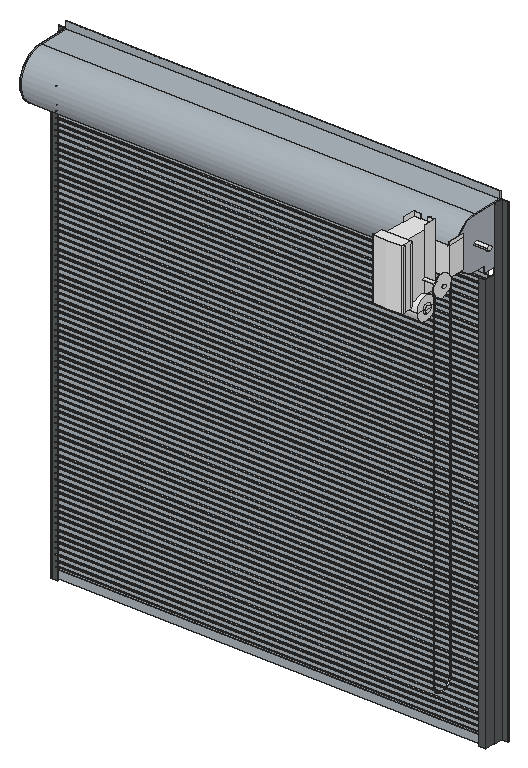
Revit family "Doors_Industrial_Wayne-Dalton_Rolling-Service-Doors-Model-926_", category Specialty Equipment, host Wall, Revit 2019
Family settings
  Host = Wall
  Round Connector Dimension = Use Diameter
  Part Type = Normal
  OmniClass Number = 23.30.10.21.34
  OmniClass Title = Industrial Doors
  Always vertical = Yes
  Cut with Voids When Loaded = Yes
  Shared = No
  Room Calculation Point = No
Parameters (values of type "115 volts, one phase, 60 Hz (110-120V range)")
  X Motor [instance] = if(or(Opening Height < 104", Opening Height = 104"), 14 1/2", if(or(Opening Height < 169", Opening Height = 169"), 16 1/2", 18 1/2"))  # 16 1/2"
  X ChainH [instance] = if(or(Opening Height < 104", Opening Height = 104"), 14 1/2", if(or(Opening Height < 169", Opening Height = 169"), 16 1/2", 18 1/2"))  # 16 1/2"
  Warning Sign [instance] = if(Calculated Area > 683.00 SF, 1 = 1, 1 = 2)  # no
  Warning (Note) [instance] = if(Warning Sign, "The Door Area is out of the limit; please adjust accordingly. The maximum allowed area is 683 sq. ft.", " ")  # " "
  Wall Thickness [instance] = 6"
  Voltage = 115 V
  True Opening Width [instance] = if(Between Jambs Mounting, Door Width True, Clear Width)  # 120"
  True Opening Height [instance] = if(Between Jambs Mounting, Clear Height + Headroom Height, Clear Height)  # 120"
  Slat Type [instance] = if(Slat Option < 2, "№2", if(Slat Option = 2, "№17", "№17 - Secur-Vent"))  # "№17"
  Slat Option [instance] = 2  # constant formula
  Slat Length [instance] = Clear Width + G Value * 2 - 1" / 2 * 2  # 123 5/8"
  Slat Height [instance] = if(Slat < 2, 13 77/256", 11 51/256")  # 11 51/256"
  Slat [instance] = if(Slat Option < 2, 1, if(Slat Option = 2, 2, if(Slat Option = 3, 3, 4)))  # 2
  Side Room Right [instance] = if(Between Jambs Mounting, 4 1/4", 8")  # 8"
  Side Room Left [instance] = if(Between Jambs Mounting, 4 1/4", 6")  # 6"
  Product Page URL = "https://www.wayne-dalton.com/rolling-service-door-926"
  Power Factor = 1
  Powder Coat (Note) = "Wayne Dalton also offers approximately 200 RAL powder coat options to complement the exterior colors of a building."  # constant formula
  Operator Visibility = yes
  Operation (Note) [instance] = "Door could operate by manual push, crank, electrical operator or chain hoist. Manual push up and crank could be used up to 80 sf, for larger door sizes you have to use Chain Hoist operator."  # constant formula
  Opening Width Real [instance] = if(Opening Width > Max Opening Width, Max Opening Width, if(Opening Width < Min Opening Width, Min Opening Width, Opening Width))  # 120"
  Opening Width [instance] = 120"
  Opening Height Real [instance] = if(Opening Height > Max Opening Height, Max Opening Height, if(Opening Height < Min Opening Height, Min Opening Height, Opening Height))  # 120"
  Opening Height [instance] = 120"
  One Array element [instance] = not(Array Vis)  # no
  Number of Poles = 1
  Motor Type [instance] = if(Between Jambs Mounting, "GSL Front of Hood", if(Motor Option < 2, "GSL Front of Hood", "GSL Wall Mount"))  # "GSL Front of Hood"
  Motor Selection (Note) [instance] = "Generic operator shown. Contact Wayne Dalton when dimensions are critical. "  # constant formula
  Motor Position [instance] = if(not(Chain Hoist or Manual), if(Motor Option Real = 1, G Value, 3 177/256"), if(Between Jambs Mounting, 1 87/128", 3 67/256" + 2 171/256"))  # 2 5/16"
  Motor Option Real [instance] = if(Between Jambs Mounting, 1, if(Motor Option < 2, 1, 3))  # 1
  Motor Option [instance] = 1
  Min Opening Width [instance] = if(Between Jambs Mounting, 18" + Side Room Right + Side Room Left, 18")  # 18"
  Min Opening Height [instance] = if(Between Jambs Mounting, 24" + Headroom Height, 24")  # 24"
  Max Opening Width [instance] = 144"  # constant formula
  Max Opening Height [instance] = 144"  # constant formula
  Material Finish [instance] = 926 : Standard - Gray
  M Value [instance] = G Value + 1/2"  # 2 13/16"
  Jambs Offset L [instance] = if(Between Jambs Mounting, Side Room Left, 0")  # 0"
  Jambs Offset R [instance] = if(Between Jambs Mounting, Side Room Right, 0")  # 0"
  Installation Real [instance] = if(Between Jambs Mounting, if((Wall Thickness / 2 - Guid Depth / 2) < 0", 0", Wall Thickness / 2 - Guid Depth / 2), Wall Thickness)  # 6"
  Hood Type [instance] = "Round Hood"  # constant formula
  Hood Offset [instance] = 2"  # constant formula
  Hood Material [instance] = Metal - Wayne Dalton - Gray
  Hood Height [instance] = if(Chain Hoist or Manual, Y ChainH - 2", Y Motor - 2")  # 14 1/2"
  Y Motor [instance] = if(or(Opening Height < 104", Opening Height = 104"), 14 1/2", if(or(Opening Height < 169", Opening Height = 169"), 16 1/2", 18 1/2"))  # 16 1/2"
  Y ChainH [instance] = if(or(Opening Height < 104", Opening Height = 104"), 14 1/2", if(or(Opening Height < 169", Opening Height = 169"), 16 1/2", 18 1/2"))  # 16 1/2"
  Headroom Height Lift [instance] = if(Chain Hoist or Manual, Y ChainH, Y Motor) + Hood Offset  # 18 1/2"
  Headroom Height [instance] = if(Between Jambs Mounting, Headroom Height Lift, Headroom Height Lift + 2")  # 20 1/2"
  Guide Type [instance] = if(Between Jambs Mounting, "Angled Between Jambs Z Guide", "Angled Z Guide")  # "Angled Z Guide"
  Guide Option [instance] = if(Between Jambs Mounting, 1, 2)  # 2
  Guid Depth [instance] = if(Between Jambs Mounting, D Value + 1/4", D Value)  # 5 1/2"
  G Value [instance] = 2 5/16"  # constant formula
  Frequency = 60 Hz
  Face of Wall Offset [instance] = if(Between Jambs Mounting, 0", 5")  # 5"
  Face Of Wall Mounting [instance] = not(Between Jambs Mounting)  # yes
  Door Width True [instance] = if(Between Jambs Mounting, Clear Width + Side Room Right + Side Room Left, Clear Width + M Value * 2)  # 125 5/8"
  Door Width (Real) [instance] = if(Between Jambs Mounting, Clear Width, Clear Width + 1" / 2)  # 120 1/2"
  Door Height True [instance] = Clear Width + Headroom Height  # 140 1/2"
  Door Height (Real) [instance] = Clear Height + Hood Offset  # 122"
  URL = "https://www.wayne-dalton.com/"
  Product data url = "https://www.bimobject.com/wayne-dalton/product/rolling-service-doors-model-926"
  Product Guid = "fe4d908b-e8df-4d50-a579-f2ac10b2d6b5"
  Model = "926"  # constant formula
  Manufacturer = "Wayne Dalton"  # constant formula
  Wall Closure = By host
  Floor To (CL) of Shaft [instance] = Clear Height + Hood Offset + 2" + Hood Height / 2  # 131 1/4"
  Finish Material = Finish - Wayne Dalton - Black
  Description = "Model 926 Rolling Service Door"  # constant formula
  D Value Clearance [instance] = if(Between Jambs Mounting, D Value + 1/4", D Value)  # 5 1/2"
  D Value [instance] = 5 1/2"  # constant formula
  Clearance [instance] = no
  Clear Width [instance] = if(Between Jambs Mounting, Opening Width Real - Side Room Right - Side Room Left, Opening Width Real)  # 120"
  Clear Height [instance] = if(Between Jambs Mounting, Opening Height Real - Headroom Height, Opening Height Real)  # 120"
  Chain Hoist or Manual = no
  Current = 20 A
  Connector Array Distance = 0"  # constant formula
  Connector Array = if(Chain Hoist or Manual, 2, 3)  # 3
  Between Jambs Mounting [instance] = no
  Bar [instance] = if(Face Of Wall Mounting, 1 = 1, 1 = 2)  # yes
  Backroom Depth [instance] = if(Chain Hoist or Manual, X ChainH, X Motor)  # 16 1/2"
  BJ Opening Cut [instance] = if(Between Jambs Mounting, Headroom Height, 0")  # 0"
  Array Vis [instance] = if(Array < 2, 1 = 2, 1 = 1)  # yes
  Array Real [instance] = if(Array < 2, 2, Array)  # 11
  Array Length [instance] = (Array) * Slat Height  # 123 49/256"
  Array [instance] = rounddown(([Door Height (Real)] - 3") / Slat Height) + 1  # 11
  Calculated Area [instance] = [Door Width (Real)] * [Door Height (Real)]  # 102.09 SF
  Apparent Load Phase 3 = if(Number of Poles = 1, 0 VA, (Voltage * Current * sqrt(3)) / 3)  # 0 VA
  Apparent Load Phase 2 = if(Number of Poles = 1, 0 VA, (Voltage * Current * sqrt(3)) / 3)  # 0 VA
  Apparent Load Phase 1 = if(Number of Poles = 1, Voltage * Current, (Voltage * Current * sqrt(3)) / 3)  # 2300 VA
Reference planes (in)
  plane 1 "Center (Front/Back)": y = -14.625
  plane 2 "Center (Left/Right)": x = 0
  plane 3 "Left": x = -60
  plane 4 "Right": x = 60
  plane 5 "Exterior": y = -8.625
  plane 6 "Interior": y = -14.625
  plane 7: x = 68
  plane 8: x = -66
  plane 9: z = 120
  plane 10 "Main": y = -19.48437
  plane 11 "Backroom Depth": y = -31.125
  plane 12 "Main Door Block": y = -14.625
  plane 13 "Bottom Bar": z = 2.75
  plane 14: y = -20.125
  plane 15: z = 125.94141
  plane 16: z = 138.5
  plane 17: z = 122
  plane 18: z = 140.5
  plane 19: z = 0
  plane 20: z = 60
  plane 21: y = -19.25
  plane 22 "Double Main": y = -18.906
  plane 23 "Headroom Top": z = 140.5
  plane 24: z = 131.25
  plane 25: x = 62.3125
  plane 26: x = -62.3125
  plane 27: z = 114.74219
  plane 28: z = 124
  plane 29: x = 62.3125
  plane 30: x = -66
  plane 31: x = 68
  plane 32: z = 2.75
  plane 33: y = -19.25
  plane 34: z = 114.74219
  plane 35: y = -19.25
  plane 36: z = 13.94922
  plane 37: y = -19.25
  plane 38: z = 25.14844
  plane 39: y = -19.25
  plane 40: z = 36.34766
  plane 41: y = -19.25
  plane 42: z = 47.54688
  plane 43: y = -19.25
  plane 44: z = 58.74609
  plane 45: y = -19.25
  plane 46: z = 69.94531
  plane 47: y = -19.25
  plane 48: z = 81.14453
  plane 49: y = -19.25
  plane 50: z = 92.34375
  plane 51: y = -19.25
  plane 52: z = 103.54297
  plane 53: y = -19.25
Forms (in)
  Extrusion 1, void
    sketch origin (0, -14.625, 0) x (0, 0, -1) y (-1, 0, 0)
      loop
        line (-120, 60) -> (-120, -60) -> (0, -60) -> (0, 60) -> (-120, 60)
    from 0 to 6
  Extrusion 2, solid, material "Metal - Wayne Dalton - Gray" <- "Hood Material", visible <- "Bar"
    sketch origin (0, 0, 0) x (0, 1, 0) y (0, 0, 1)
      loop
        line (-14.875, 138.5) -> (-14.625, 138.5) -> (-14.625, 140.5) -> (-14.875, 140.5) -> (-14.875, 138.5)
    from -62.0625 to 62.0625
  Extrusion 3, solid, material "Clearance - Wayne Dalton - Red", visible <- "Clearance"
    sketch origin (0, 0, 0) x (1, 0, 0) y (0, 1, 0)
      loop
        line (68, -14.625) -> (60, -14.625) -> (60, -20.125) -> (68, -20.125) -> (68, -14.625)
      loop
        line (-60, -14.625) -> (-66, -14.625) -> (-66, -20.125) -> (-60, -20.125) -> (-60, -14.625)
    from 0 to 122
Lines and regions (in)
  symbolic lines, visible <- "Bar"
    curve 1: line (62.0625, -14.625, 0) -> (-62.0625, -14.625, 0)
    curve 2: line (-62.0625, -14.875, 0) -> (62.0625, -14.875, 0)
Text (in)
  text "Exterior" at (-74.96733, 27.31104, 0), in view "Ref. Level"
  text "Interior" at (-74.96733, -25.14366, 0), in view "Ref. Level"
  text "Exterior" at (0, 40.15149, 123.01588), in view "Right"
  text "Interior" at (0, -64.39139, 123.01588), in view "Right"
  text "Interior" at (0, -31.01599, 123.00693), in view "Left"
  text "Exterior" at (0, 54.57065, 123.00693), in view "Left"
Dimensions and locks (in)
  equal spacing: plane 3 "Left", plane 2 "Center (Left/Right)", plane 4 "Right"
  "Clear Width": plane 3 "Left" to plane 4 "Right"
  level to host wall = 459.59655"
  "Clear Height": level to plane 9
  plane 7 to plane 8 = 134"
  locked: plane 13 "Bottom Bar" to level at 2.75
  locked: plane 14 to plane 10 "Main" at 0.64063
  "Array Length": plane 15 to plane 13 "Bottom Bar"
  "Backroom Depth": plane 11 "Backroom Depth" to plane 12 "Main Door Block"
  locked: plane 18 to plane 16 at 2
  locked: Extrusion 2 sketch curve to Extrusion 2 sketch curve at 0.25
  "Installation Real": plane 1 "Center (Front/Back)" to plane 5 "Exterior"
  "Wall Thickness": host wall to host wall
  equal spacing: plane 9, plane 20, plane 19
  locked: plane 10 "Main" to plane 21 at 0.23437
  locked: plane 10 "Main" to plane 22 "Double Main" at 0.57837
  "BJ Opening Cut": Extrusion 1 sketch curve to plane 9
  locked: Extrusion 2 sketch curve to Extrusion 2 sketch curve at 2
  "Hood Offset": plane 17 to plane 9
  "Headroom Height": plane 23 "Headroom Top" to plane 9
  "Floor To (CL) of Shaft": plane 24 to level
  "Jambs Offset R": plane 4 "Right" to Extrusion 1 sketch curve
  "Jambs Offset L": Extrusion 1 sketch curve to plane 3 "Left"
  "G Value": plane 25 to plane 4 "Right"
  "G Value": plane 3 "Left" to plane 26
  "Guid Depth": plane 14 to plane 1 "Center (Front/Back)"
  "Slat Height": plane 15 to plane 27
  equal spacing: group 1, group 3, group 4, group 5, group 6, group 7, group 8, group 9, group 10, group 11, group 2  (x3)
  "Side Room Right": plane 4 "Right" to plane 7
  "Side Room Left": plane 8 to plane 3 "Left"
  locked: plane 25 to Extrusion 2 at 0.25
  locked: plane 26 to Extrusion 2 at 0.25
  locked: plane 28 to plane 17 at 2
  "Hood Height": plane 16 to plane 28
  "Motor Position": plane 4 "Right" to plane 29
  "Side Room Left": plane 30 to plane 3 "Left"
  "Side Room Right": plane 4 "Right" to plane 31
  "D Value Clearance": Extrusion 3 sketch curve to Extrusion 3 sketch curve
  aligned and locked: plane 5 "Exterior" to host wall
  aligned and locked: host wall to plane 6 "Interior"
  aligned and locked: level to Extrusion 1 sketch curve
  aligned and locked: Extrusion 1 to plane 5 "Exterior"
  aligned and locked: plane 6 "Interior" to Extrusion 1
  aligned and locked: plane 16 to nested 1
  aligned and locked: Extrusion 2 sketch curve to plane 18
  aligned and locked: plane 6 "Interior" to Extrusion 2 sketch curve
  aligned and locked: curve 1 to Extrusion 2  (x2)
  aligned and locked: curve 2 to Extrusion 2  (x2)
  aligned and locked: Extrusion 2 to curve 2
  aligned and locked: plane 5 "Exterior" to nested 1
  aligned and locked: level to plane 19
  aligned and locked: plane 2 "Center (Left/Right)" to nested 2
  aligned and locked: nested 3 to plane 2 "Center (Left/Right)"
  aligned and locked: nested 4 to plane 20
  aligned and locked: plane 2 "Center (Left/Right)" to nested 4
  aligned and locked: plane 13 "Bottom Bar" to nested 6
  aligned and locked: plane 21 to nested 6
  aligned and locked: nested 4 to plane 21
  aligned and locked: plane 19 to nested 13
  aligned and locked: nested 13 to plane 2 "Center (Left/Right)"
  aligned and locked: nested 13 to plane 1 "Center (Front/Back)"
  aligned and locked: nested 1 to plane 29
  aligned and locked: Extrusion 3 sketch curve to plane 1 "Center (Front/Back)"  (x2)
  aligned and locked: Extrusion 3 sketch curve to plane 31
  aligned and locked: Extrusion 3 sketch curve to plane 4 "Right"
  aligned and locked: Extrusion 3 sketch curve to plane 30
  aligned and locked: Extrusion 3 sketch curve to plane 3 "Left"
  aligned and locked: Extrusion 3 sketch curve to Extrusion 3 sketch curve
  aligned and locked: Extrusion 3 to level
  aligned and locked: plane 17 to Extrusion 3
  aligned and locked: plane 13 "Bottom Bar" to plane 32
  aligned and locked: plane 21 to plane 33
  aligned and locked: plane 27 to plane 34
  aligned and locked: plane 35 to plane 21
  aligned and locked: plane 12 "Main Door Block" to plane 1 "Center (Front/Back)"
Automatic sketch dimensions
  plane 25 to curve 1 = 1/4"
Nested families (in)
  nested 1: "Motor" at (55.433, -38.705, 120.18), visible <- "Operator Visibility", type "Trolley Motor"
    with Vertical Mount 18.32", Hood Width Real 16 1/2", Hood Width 16 1/2", Hood Height 14 1/2", Floor To Cl Shaft 131 1/4"
  nested 2: "Label Annotation 1" at (0, 18.375, 0), visible <- "Warning Sign", type "Label Annotation 1"
  nested 3: "Label Annotation 1" at (0, -41.625, 0) x (-1, 0, 0) z (0, 0, 1), visible <- "Warning Sign", type "Label Annotation 1"
  nested 4: "Warning Sign" at (0, -19.25, 60), visible <- "Warning Sign", type "Warning Sign"
    with Warning Sign no
  nested 5: "926" at (0, -19.25, 2.75), Slat Option <- "Slat Option", Opening Width <- "Slat Length", type <- "Material Finish", visible <- "Array Vis", type "Standard - Gray"
    with Void Offset 1", Void Height 3/4", Slat Width 1/2", Slat Position + Offset 11.795", Slat Position 11.2", Slat Option 2, Secure-Vent no, Profile #17 yes, Perforation no, Opening Width 123 5/8", Integrated Cutout no, Fenestration no, Cutout Width Offset 1", Cutout Vertical Offset 0.595", #2 no, # 17 yes
  nested 6: "926" at (0, -19.25, 2.75), visible <- "One Array element", Slat Option <- "Slat Option", Opening Width <- "Slat Length", type <- "Material Finish", type "Standard - Gray"
    with Void Offset 1", Void Height 3/4", Slat Width 1/2", Slat Position + Offset 11.795", Slat Position 11.2", Slat Option 2, Secure-Vent no, Profile #17 yes, Perforation no, Opening Width 123 5/8", Integrated Cutout no, Fenestration no, Cutout Width Offset 1", Cutout Vertical Offset 0.595", #2 no, # 17 yes
  nested 7: "926" at (0, -19.25, 114.74219), Slat Option <- "Slat Option", Opening Width <- "Slat Length", type <- "Material Finish", visible <- "Array Vis", type "Standard - Gray"
    with Void Offset 1", Void Height 3/4", Slat Width 1/2", Slat Position + Offset 11.795", Slat Position 11.2", Slat Option 2, Secure-Vent no, Profile #17 yes, Perforation no, Opening Width 123 5/8", Integrated Cutout no, Fenestration no, Cutout Width Offset 1", Cutout Vertical Offset 0.595", #2 no, # 17 yes
  nested 8: "926" at (0, -19.25, 13.94922), Slat Option <- "Slat Option", Opening Width <- "Slat Length", type <- "Material Finish", visible <- "Array Vis", type "Standard - Gray"
    with Void Offset 1", Void Height 3/4", Slat Width 1/2", Slat Position + Offset 11.795", Slat Position 11.2", Slat Option 2, Secure-Vent no, Profile #17 yes, Perforation no, Opening Width 123 5/8", Integrated Cutout no, Fenestration no, Cutout Width Offset 1", Cutout Vertical Offset 0.595", #2 no, # 17 yes
  nested 9: "926" at (0, -19.25, 25.14844), Slat Option <- "Slat Option", Opening Width <- "Slat Length", type <- "Material Finish", visible <- "Array Vis", type "Standard - Gray"
    with Void Offset 1", Void Height 3/4", Slat Width 1/2", Slat Position + Offset 11.795", Slat Position 11.2", Slat Option 2, Secure-Vent no, Profile #17 yes, Perforation no, Opening Width 123 5/8", Integrated Cutout no, Fenestration no, Cutout Width Offset 1", Cutout Vertical Offset 0.595", #2 no, # 17 yes
  nested 10: "926" at (0, -19.25, 36.34766), Slat Option <- "Slat Option", Opening Width <- "Slat Length", type <- "Material Finish", visible <- "Array Vis", type "Standard - Gray"
    with Void Offset 1", Void Height 3/4", Slat Width 1/2", Slat Position + Offset 11.795", Slat Position 11.2", Slat Option 2, Secure-Vent no, Profile #17 yes, Perforation no, Opening Width 123 5/8", Integrated Cutout no, Fenestration no, Cutout Width Offset 1", Cutout Vertical Offset 0.595", #2 no, # 17 yes
  nested 11: "926" at (0, -19.25, 47.54687), Slat Option <- "Slat Option", Opening Width <- "Slat Length", type <- "Material Finish", visible <- "Array Vis", type "Standard - Gray"
    with Void Offset 1", Void Height 3/4", Slat Width 1/2", Slat Position + Offset 11.795", Slat Position 11.2", Slat Option 2, Secure-Vent no, Profile #17 yes, Perforation no, Opening Width 123 5/8", Integrated Cutout no, Fenestration no, Cutout Width Offset 1", Cutout Vertical Offset 0.595", #2 no, # 17 yes
  nested 12: "926" at (0, -19.25, 58.74609), Slat Option <- "Slat Option", Opening Width <- "Slat Length", type <- "Material Finish", visible <- "Array Vis", type "Standard - Gray"
    with Void Offset 1", Void Height 3/4", Slat Width 1/2", Slat Position + Offset 11.795", Slat Position 11.2", Slat Option 2, Secure-Vent no, Profile #17 yes, Perforation no, Opening Width 123 5/8", Integrated Cutout no, Fenestration no, Cutout Width Offset 1", Cutout Vertical Offset 0.595", #2 no, # 17 yes
  nested 13: "Lifts" at (0, -14.625, 0) x (-1, 0, 0) z (0, 0, 1), type "Frame Unit"
    with Round Hood yes, No Hood no, Side Clearance R 8", Side Clearance L 6", M Value 2 13/16", Hood Height 16 1/2", Headroom Height Real 18 1/2", Half Hood Height 16 1/2", Guide Z Wide R 2 1/16", Guide Z Wide L 2 1/16", Guide Offset R 2 5/16", Guide Offset L 2 5/16", G Value 2 5/16", Shaft Offset 7 1/4", Shaft Length 2 6 5/16", Shaft Length 1 6 5/16", Radius Hood 7 1/4", Headroom Height 18 1/2", Header Width 16 1/2", Floor To (CL) of Shaft 131 1/4"
  nested 14: "926" at (0, -19.25, 69.94531), Slat Option <- "Slat Option", Opening Width <- "Slat Length", type <- "Material Finish", visible <- "Array Vis", type "Standard - Gray"
    with Void Offset 1", Void Height 3/4", Slat Width 1/2", Slat Position + Offset 11.795", Slat Position 11.2", Slat Option 2, Secure-Vent no, Profile #17 yes, Perforation no, Opening Width 123 5/8", Integrated Cutout no, Fenestration no, Cutout Width Offset 1", Cutout Vertical Offset 0.595", #2 no, # 17 yes
  nested 15: "926" at (0, -19.25, 81.14453), Slat Option <- "Slat Option", Opening Width <- "Slat Length", type <- "Material Finish", visible <- "Array Vis", type "Standard - Gray"
    with Void Offset 1", Void Height 3/4", Slat Width 1/2", Slat Position + Offset 11.795", Slat Position 11.2", Slat Option 2, Secure-Vent no, Profile #17 yes, Perforation no, Opening Width 123 5/8", Integrated Cutout no, Fenestration no, Cutout Width Offset 1", Cutout Vertical Offset 0.595", #2 no, # 17 yes
  nested 16: "926" at (0, -19.25, 92.34375), Slat Option <- "Slat Option", Opening Width <- "Slat Length", type <- "Material Finish", visible <- "Array Vis", type "Standard - Gray"
    with Void Offset 1", Void Height 3/4", Slat Width 1/2", Slat Position + Offset 11.795", Slat Position 11.2", Slat Option 2, Secure-Vent no, Profile #17 yes, Perforation no, Opening Width 123 5/8", Integrated Cutout no, Fenestration no, Cutout Width Offset 1", Cutout Vertical Offset 0.595", #2 no, # 17 yes
  nested 17: "926" at (0, -19.25, 103.54297), Slat Option <- "Slat Option", Opening Width <- "Slat Length", type <- "Material Finish", visible <- "Array Vis", type "Standard - Gray"
    with Void Offset 1", Void Height 3/4", Slat Width 1/2", Slat Position + Offset 11.795", Slat Position 11.2", Slat Option 2, Secure-Vent no, Profile #17 yes, Perforation no, Opening Width 123 5/8", Integrated Cutout no, Fenestration no, Cutout Width Offset 1", Cutout Vertical Offset 0.595", #2 no, # 17 yes
Connectors (in)
  electrical at (58.421, -38.51377, 130.7498), driven by "Apparent Load Phase 1", driven by "Power Factor", driven by "Voltage", driven by "Apparent Load Phase 2", driven by "Apparent Load Phase 3", driven by "Number of Poles"
    settings: on nested 1, index 1, voltage 115 V, apparent load 0 VA, apparent load phase1 2300 VA, apparent load phase2 0 VA, apparent load phase3 0 VA, power factor 1, load classification "Other", number of poles 1, system type 31, power factor state 1, is connector primary yes, connector utility no, sub classification motor no, connector description "Electrical Connector"
Definition of nested family "Motor"
  Parameters (values of type "Trolley Motor")
    Wall Mount RSX = if(Chain Hoist, 1 = 2, if(Motor Option = 3, 1 = 1, 1 = 2))  # no
    Top Mount RSX = if(Chain Hoist, 1 = 2, if(Motor Option = 2, 1 = 1, 1 = 2))  # no
    Shaft Material = none
    Real Exterior Wall Offset = if(Wall Mount RSX, Displacement, Exterior Wall Offset + if(and(BJ, Bench Mount RSX, Hood Width < 19 1/2"), 2.6", 0"))  # 6"
    Not Chain Hoist = not(Chain Hoist)  # yes
    Not Bench + Top = not(or(Top Mount RSX, Chain Hoist, Bench Mount RSX))  # yes
    Horizontal Mount = if(Face Mount RSX, 5.08" + 0.12" + 2.38", if(Top Mount RSX, 11.19", if(Wall Mount RSX, 5.08", if(Bench Mount RSX, 4.77" + if(or(Hood Width < 14", Hood Width = 14"), 6.13", if(or(Hood Width < 16", Hood Width = 16"), 4.13", 3 1/4")), 0"))))  # 7.58"
    Not Fire King = if(Chain Hoist, 1 = 2, not(Chain Hoist))  # yes
    Vertical Mount = if(Face Mount RSX, 11.07" + Hood Height / 2, if(Top Mount RSX, 14.92" - 0.13" - 2.38", if(Wall Mount RSX, 20.03" + 6" + Hood Height / 2, if(Bench Mount RSX, 20" + 2.29" + Hood Height / 2, Hood Height))))  # 21.07"
    Motor Type = if(Motor Option < 2, "RSX FDO Face Mount", if(Motor Option = 2, "RSX FDO Top Mount", if(Motor Option = 3, "RSX Wall Mount", if(Motor Option = 4, "RSX Bench Mount", "Chain Hoist"))))  # "RSX FDO Face Mount"
    Motor Option = 1
    Main Material = none
    Hood Width Real = if(Wall Mount RSX, 0", if(Chain Hoist, if(Hood Height < Hood Width, (Hood Width + (Hood Width - Hood Height)) / 2, Hood Width / 2), Hood Width))  # 22"
    Hood Width = 22"
    Hood Height = 20"
    Hood Mount = if(or(Face Mount RSX, Top Mount RSX), 0.37", if(Wall Mount RSX, if(BJ, 12.24" + BJ Displacement, 14.74"), if(Bench Mount RSX, 14.49", 4.26")))  # 0.37"
    Floor To Cl Shaft = 134"
    Fire King RHX = 1 = 2  # no
    Top Option Offset = if(or(Top Mount RSX, Bench Mount RSX), 20", 0")  # 0"
    Face+Top = if(Chain Hoist, 1 = 2, if(or(Face Mount RSX, Top Mount RSX), 1 = 1, 1 = 2))  # yes
    Face Mount RSX = if(Chain Hoist, 1 = 2, if(Motor Option < 2, 1 = 1, 1 = 2))  # yes
    Top + Bench = if(Chain Hoist, 1 = 2, if(or(Top Mount RSX, Bench Mount RSX), 1 = 1, 1 = 2))  # no
    Face + Top + Bench = if(Chain Hoist, 1 = 2, if(or(Face Mount RSX, Top Mount RSX, Bench Mount RSX), 1 = 1, 1 = 2))  # yes
    Exterior Wall Offset = 6"
    Displacement = 6"
    Default Elevation = 48"
    Chain V Offset = if(or(Face Mount RSX, Wall Mount RSX), 6.53", if(or(Top Mount RSX, Bench Mount RSX), 18.81", Hood Height / 2))  # 6.53"
    Chain H Offset = if(or(Face Mount RSX, Wall Mount RSX), 1.19", if(or(Top Mount RSX, Bench Mount RSX), 6.53", 0"))  # 1.19"
    Chain Hoist = no
    Bench Mount RSX = if(Chain Hoist, 1 = 2, if(Motor Option > 3, 1 = 1, 1 = 2))  # no
    BJ Displacement = 3"
    BJ = no
    Angle = if(or(Bench Mount RSX, Top Mount RSX), 90.00°, 180.00°)  # 180.00°
  Reference planes (in)
    plane 1 "Center (Front/Back)": y = 0
    plane 2: z = 0
    plane 3 "Center (Left/Right)": x = 0
    plane 4: y = 0
    plane 5: y = 1.19
    plane 6: z = -127.47
    plane 7: z = -97.47
    plane 8: z = 6.53
    plane 9 "Chain Hoist": z = 6.53
    plane 10 "Top Of Hood": z = 21.07
    plane 11: y = 7.58
    plane 12: z = 0
    plane 13 "Hood Face": x = 6.8795
    plane 14: x = 7.2495
    plane 15: y = 29.58
    plane 16 "Wall": y = 35.58
  Forms (in)
    Extrusion 1, solid, material <- "Main Material", visible <- "Not Chain Hoist"
      sketch origin (0, 0, 18.8898) x (1, 0, 0) y (0, 1, 0)
        loop
          line (-4.134, -4.81907) -> (4.116, -4.81907) -> (4.116, -4.69947) -> (3.108, -4.69947)
          arc (3.108, -4.69947) -> (3.02315, -4.66432) -> (2.988, -4.57947) r 0.12
          line (2.988, -4.57947) -> (2.988, 4.96193) -> (-2.988, 4.96193) -> (-2.988, -4.57947)
          arc (-2.988, -4.57947) -> (-3.02315, -4.66432) -> (-3.108, -4.69947) r 0.12
          line (-3.108, -4.69947) -> (-4.134, -4.69947) -> (-4.134, -4.81907)
      from -16.64 to 0
    Extrusion 2, solid, material <- "Main Material", visible <- "Not Chain Hoist"
      sketch origin (0, -2.406, 18.8898) x (1, 0, 0) y (0, 1, 0)
        loop
          line (-4.134, -2.41307) -> (-4.134, -5.05565) -> (-4.3324, -5.05565) -> (-4.3324, -5.3122)
          arc (-4.3324, -5.3122) -> (-4.24466, -5.55085) -> (-4.02324, -5.67585) r 0.36846
          arc (-4.02324, -5.67585) -> (0, -6.0017) -> (4.02324, -5.67585) r 25
          arc (4.02324, -5.67585) -> (4.24466, -5.55085) -> (4.3324, -5.3122) r 0.36846
          line (4.3324, -5.3122) -> (4.3324, -5.05565) -> (4.116, -5.05565) -> (4.116, -2.41307) -> (-4.134, -2.41307)
      from -17 to 0.35839
    Revolve 3, solid, material <- "Main Material", visible <- "Not Fire King"
      sketch origin (2.0828, 5.66524, 0) x (0, -1, 0) y (1, 0, 0)
        loop
          line (5.66524, -9.0813) -> (5.66524, 3.1162) -> (4.82413, 3.1162) -> (4.82413, 2.7162) -> (4.39283, 2.7162) -> (4.39283, 2.4872) -> (2.50257, 2.4872) -> (2.50257, -6.6585) -> (3.79863, -6.6585) -> (3.79863, -7.51105) -> (3.89778, -7.6102) -> (5.36033, -7.6102) -> (5.36033, -7.8313) -> (4.69783, -7.8313) -> (4.69783, -9.0813) -> (5.66524, -9.0813)
        axis (5.66524, -9.0813) -> (5.66524, 3.1162)
      angle from 0 to 360
    Extrusion 4, solid, material <- "Main Material", visible <- "Wall Mount RSX"
      sketch origin (0, 0, 18.8898) x (1, 0, 0) y (0, 1, 0)
        loop
          line (-2.988, 5.08193) -> (-4.988, 5.08193) -> (-4.988, 4.96193) -> (-3.108, 4.96193) -> (-3.108, 1.46193) -> (-2.988, 1.46193) -> (-2.988, 5.08193)
        loop
          line (2.988, 5.08193) -> (2.988, 1.46193) -> (3.108, 1.46193) -> (3.108, 4.96193) -> (4.988, 4.96193) -> (4.988, 5.08193) -> (2.988, 5.08193)
      from -16.64 to 1.14
    Extrusion 5, solid, material <- "Main Material"
      sketch origin (0, 0.00141, 3.59957) x (0, 0, 1) y (0, -1, 0)
        loop
          circle (2.93043, -1.18859) r 3
      from 8.2495 to 7.98
    Sweep 6, solid, material <- "Main Material"
      path origin (8.11913, 9.53, 48) x (0, 1, 0) y (0, 0, 1)
        loop
          line (-11.34, -41.47) -> (-11.34, -145.47)
          arc (-11.34, -145.47) -> (-8.34, -148.47) -> (-5.34, -145.47) r 3
          line (-5.34, -145.47) -> (-5.34, -41.47)
      profile origin (8.11912, -1.81, -45.47) x (1, 0, 0) y (0, 1, 0)
        loop
          circle (0, 0.1) r 0.1
    Extrusion 7, solid, material <- "Main Material"
      sketch origin (0, 0.00141, 3.59957) x (0, 0, 1) y (0, -1, 0)
        loop
          circle (2.93043, -1.18859) r 0.4
      from 8.82 to 0
    Extrusion 8, solid, material <- "Main Material", visible <- "Face+Top"
      sketch origin (0, 0, 18.8898) x (1, 0, 0) y (0, 1, 0)
        loop
          line (7.2495, 5.08193) -> (7.2495, 9.82193) -> (7.1295, 9.82193) -> (7.1295, 5.20193) -> (-2.988, 5.20193) -> (-2.988, 5.08193) -> (7.2495, 5.08193)
      from -12.32 to -4.32
    Extrusion 9, solid, material <- "Main Material", visible <- "Face + Top + Bench"
      sketch origin (0.25, 0, 18.8898) x (1, 0, 0) y (0, 1, 0)
        loop
          line (-3.358, 5.08193) -> (-3.358, 1.46193) -> (-3.238, 1.46193) -> (-3.238, 4.96193) -> (-1.238, 4.96193) -> (-1.238, 5.08193) -> (-3.358, 5.08193)
        loop
          line (2.858, 5.08193) -> (0.738, 5.08193) -> (0.738, 4.96193) -> (2.738, 4.96193) -> (2.738, 1.46193) -> (2.858, 1.46193) -> (2.858, 5.08193)
      from -16.64 to 1.14
    Extrusion 10, solid, material <- "Main Material", visible <- "Face+Top"
      sketch origin (0, 0, 0) x (0, 0, 1) y (0, -1, 0)
        loop
          line (15.5698, -5.33193) -> (6.5698, -5.33193) -> (6.5698, -9.82193) -> (15.5698, -9.82193) -> (15.5698, -5.33193)
      from 6.8795 to 7.1295
    Extrusion 11, solid, material <- "Main Material", visible <- "Bench Mount RSX"
      sketch origin (0, 0, 18.8898) x (1, 0, 0) y (0, 1, 0)
        loop
          line (-6.9985, 5.08193) -> (3.108, 5.08193) -> (3.108, 5.20193) -> (-7.1205, 5.20193) -> (-7.1205, 1.33693) -> (-6.9985, 1.33693) -> (-6.9985, 5.08193)
      from -10.78 to -1.46
    Extrusion 12, solid, material <- "Main Material", visible <- "Bench Mount RSX"
      sketch origin (0, 0, 0) x (0, 0, 1) y (0, -1, 0)
        loop
          line (8.2698, -1.46193) -> (8.2698, -4.96193) -> (17.2698, -4.96193) -> (17.2698, -1.46193) -> (8.2698, -1.46193)
      from -7.24 to -7.1205
  Lines and regions (in)
    reference lines
      curve 1: line (0, 0, 0) -> (0, 0, 18.8898)
  Dimensions and locks (in)
    Extrusion 4 sketch curve to Extrusion 4 sketch curve = 3.62"
    locked: Extrusion 4 sketch curve to Extrusion 4 sketch curve at 0.12  (x3)
    "Chain H Offset": plane 4 to plane 5
    locked: plane 7 to plane 6 at 30
    locked: Sweep 6 sketch curve to profile plane at 0
    locked: profile plane to Sweep 6 sketch curve at 0.1
    locked: Sweep 6 sketch curve to Sweep 6 sketch curve at 6
    "Floor To Cl Shaft": plane 8 to plane 6
    "Horizontal Mount": plane 1 "Center (Front/Back)" to plane 11
    Extrusion 9 sketch curve to Extrusion 9 sketch curve = 3.62"
    locked: Extrusion 9 sketch curve to Extrusion 9 sketch curve at 0.12  (x3)
    "Top Option Offset": level to plane 12
    "Chain V Offset": plane 9 "Chain Hoist" to plane 12
    equal spacing: Sweep 6 sketch curve, plane 5, Sweep 6 sketch curve
    "Vertical Mount": plane 10 "Top Of Hood" to plane 12
    locked: Extrusion 2 sketch curve to Extrusion 2 sketch curve at 8.25
    locked: Extrusion 2 sketch curve to Extrusion 2 sketch curve at 2.64258
    locked: plane 3 "Center (Left/Right)" to plane 14 at 7.2495
    "Hood Mount": plane 13 "Hood Face" to plane 14
    locked: Extrusion 8 sketch curve to Extrusion 8 sketch curve at 0.12  (x2)
    locked: Extrusion 8 sketch curve to curve 1 at 5.08193
    "Hood Width Real": plane 11 to plane 15
    "Real Exterior Wall Offset": plane 15 to plane 16 "Wall"
    locked: Extrusion 8 sketch curve to Extrusion 8 sketch curve at 4.62
    Revolve 3 sketch curve to Revolve 3 sketch curve to Revolve 3 sketch curve to Revolve 3 sketch curve to Revolve 3 sketch curve to Revolve 3 sketch curve to Revolve 3 sketch curve = 1 1/4" locked, 0.2211" locked, 0.9517" locked, 9.1457" locked, 0.229" locked, 0.4" locked
    Revolve 3 sketch curve to Revolve 3 sketch curve to Revolve 3 sketch curve to Revolve 3 sketch curve to Revolve 3 sketch curve to Revolve 3 sketch curve to Revolve 3 sketch curve to Revolve 3 sketch curve = 0.30491" locked, 0.53619" locked, 0.12631" locked, 0.305" locked, 0.49505" locked, 0.09915" locked, 1.29606" locked
    locked: Extrusion 1 sketch curve to Extrusion 1 sketch curve at 0.1196
    locked: Extrusion 1 sketch curve to Extrusion 1 sketch curve at 5.976
    equal spacing: Extrusion 1 sketch curve, curve 1, Extrusion 1 sketch curve
    locked: curve 1 to Extrusion 1 sketch curve at 4.81907
    locked: Extrusion 1 sketch curve to Extrusion 1 sketch curve at 9.781
    locked: Extrusion 9 sketch curve to curve 1 at 1.46193
    equal spacing: Extrusion 4 sketch curve, curve 1, Extrusion 4 sketch curve
    locked: Extrusion 4 sketch curve to curve 1 at 1.46193
    locked: Extrusion 10 sketch curve to Extrusion 10 sketch curve at 4.49
    locked: Extrusion 10 sketch curve to Extrusion 10 sketch curve at 9
    locked: Extrusion 10 sketch curve to curve 1 at 9.82193
    locked: Extrusion 10 sketch curve to curve 1 at 6.5698
    locked: Revolve 3 sketch curve to plane 3 "Center (Left/Right)" at 4.5757
    locked: Extrusion 4 sketch curve to Extrusion 4 sketch curve at 5.976
    locked: Extrusion 9 sketch curve to plane 3 "Center (Left/Right)" at 2.988
    locked: plane 3 "Center (Left/Right)" to Extrusion 9 sketch curve at 3.108
    locked: Extrusion 4 sketch curve to Extrusion 4 sketch curve at 2
    locked: Extrusion 4 sketch curve to Extrusion 4 sketch curve at 1.88
    locked: Extrusion 8 sketch curve to Extrusion 8 sketch curve at 10.2375
    locked: curve 1 to Extrusion 8 sketch curve at 7.2495
    locked: Extrusion 1 sketch curve to Extrusion 1 sketch curve at 1.128
    locked: Extrusion 1 sketch curve to Extrusion 1 sketch curve at 1.146
    locked: curve 1 to Extrusion 2 sketch curve at 4.81907
    locked: Extrusion 11 sketch curve to Extrusion 11 sketch curve at 0.122
    locked: Extrusion 11 sketch curve to Extrusion 11 sketch curve at 0.12
    locked: Extrusion 11 sketch curve to curve 1 at 6.9985
    locked: Extrusion 11 sketch curve to curve 1 at 5.08193
    locked: Extrusion 11 sketch curve to Extrusion 11 sketch curve at 10.1065
    locked: Extrusion 11 sketch curve to Extrusion 11 sketch curve at 3.865
    locked: Extrusion 12 sketch curve to Extrusion 12 sketch curve at 3.5
    locked: curve 1 to Extrusion 12 sketch curve at 1.46193
    locked: Extrusion 12 sketch curve to Extrusion 12 sketch curve at 9
    locked: Extrusion 12 sketch curve to curve 1 at 10.62
    radius of Extrusion 5 sketch curve = 3"
    radius of Sweep 6 sketch curve = 3"
    radius of Sweep 6 sketch curve = 0.1"
    radius of Extrusion 7 sketch curve = 0.4"
    radius of Extrusion 2 sketch curve = 0.36846"  (x2)
    radius of Extrusion 1 sketch curve = 0.12"  (x2)
    radius of Extrusion 2 sketch curve = 25"
    "Angle": angle curve 1 to plane 1 "Center (Front/Back)"
    angle Extrusion 2 sketch curve to Extrusion 2 sketch curve = 90.00°
    locked: Extrusion 2 sketch curve to Extrusion 2 sketch curve (angle 90.00°)
    aligned and locked: plane 2 to level
    aligned and locked: Revolve 3 sketch curve to Revolve 3 sketch curve
    aligned and locked: plane 1 "Center (Front/Back)" to curve 1
    aligned and locked: level to curve 1
    aligned and locked: plane 1 "Center (Front/Back)" to plane 4
    aligned and locked: Extrusion 4 sketch curve to Extrusion 4 sketch curve  (x3)
    aligned and locked: plane 7 to Sweep 6 sketch curve  (x2)
    aligned and locked: plane 8 to Sweep 6 sketch curve  (x2)
    aligned and locked: plane 5 to Extrusion 5 sketch curve
    aligned and locked: plane 9 "Chain Hoist" to Extrusion 5 sketch curve
    aligned and locked: plane 5 to Extrusion 7 sketch curve
    aligned and locked: plane 9 "Chain Hoist" to Extrusion 7 sketch curve
    aligned and locked: plane 8 to plane 9 "Chain Hoist"
    aligned and locked: Extrusion 9 sketch curve to Extrusion 9 sketch curve  (x3)
    aligned and locked: Extrusion 2 sketch curve to Extrusion 2 sketch curve
    aligned and locked: Extrusion 1 sketch curve to Extrusion 1 sketch curve
    aligned and locked: plane 4 to nested 1
    aligned and locked: plane 3 "Center (Left/Right)" to nested 1
  Automatic sketch dimensions
    plane 1 "Center (Front/Back)" to Revolve 3 sketch curve = 0"
    Revolve 3 sketch curve to Revolve 3 sketch curve = 0.09915"
    Revolve 3 sketch curve to Revolve 3 sketch curve = 4.7892"
    Revolve 3 sketch curve to plane 14 = 1.9628"
    Extrusion 9 sketch curve to plane 3 "Center (Left/Right)" = 0.988"
    plane 3 "Center (Left/Right)" to Extrusion 9 sketch curve = 0.988"
    Extrusion 2 sketch curve to plane 3 "Center (Left/Right)" = 0"
    Extrusion 2 sketch curve to Extrusion 2 sketch curve = 0.1984"
    Extrusion 2 sketch curve to Extrusion 2 sketch curve = 0.15206"
    Extrusion 2 sketch curve to Extrusion 2 sketch curve = 0.25654"
    Extrusion 2 sketch curve to Extrusion 2 sketch curve = 0"  (x2)
    Extrusion 2 sketch curve to Extrusion 2 sketch curve = 0.0593"
  Nested families (in)
    nested 1: "2D_NotScalableMain_29e791da-3db9-4234-ab15-44456784202b" at (0, 0, 0), type "Default"
      with Wall Mount no, Face Mount yes
  Definition of nested family "2D_NotScalableMain_29e791da-3db9-4234-ab15-44456784202b"
    Parameters (values of type "Default")
      Wall Mount = yes
      Top Mount = no
      Not Top + Bench = yes
      Fire King Face Mount = no
      Face Mount = no
      Top + Bench = no
      Chain Hoist = no
      Bench Mount = no
    Reference planes (in)
      plane 1 "Center (Front/Back)": y = 0
      plane 2: z = 0
      plane 3 "Center (Left/Right)": x = 0
    Lines and regions (in)
      Masking region 1, in view "Ref. Level", visible <- "Not Top + Bench"
        outline origin (0, 0, 0) x (1, 0, 0) y (0, 1, 0)
          loop
            line (-6.9985, -0.96741) -> (-5.7485, -0.96741) -> (-5.7485, -0.30491) -> (-5.5274, -0.30491) -> (-5.5274, -1.76746) -> (-5.42825, -1.86661) -> (-4.5757, -1.86661) -> (-4.5757, -3.22517) -> (-4.134, -3.22517) -> (-4.134, -7.46165) -> (-4.3324, -7.46165) -> (-4.3324, -7.7182)
            arc (-4.3324, -7.7182) -> (-4.24466, -7.95685) -> (-4.02324, -8.08185) r 0.36846
            arc (-4.02324, -8.08185) -> (0, -8.4077) -> (4.02324, -8.08185) r 25
            arc (4.02324, -8.08185) -> (4.24466, -7.95685) -> (4.3324, -7.7182) r 0.36846
            line (4.3324, -7.7182) -> (4.3324, -7.46165) -> (4.116, -7.46165) -> (4.116, -3.22517) -> (4.57, -3.22517) -> (4.57, -1.27241) -> (4.799, -1.27241) -> (4.799, -0.84111) -> (5.199, -0.84111) -> (5.199, 0.79) -> (7.979, 0.79) -> (7.979, -1.81) -> (8.2495, -1.81) -> (8.2495, 0.79) -> (8.82, 0.79) -> (8.82, 1.59) -> (8.2495, 1.59) -> (8.2495, 4.19) -> (7.979, 4.19) -> (7.979, 1.59) -> (4.57, 1.59) -> (4.57, 3.22517) -> (2.988, 3.22517) -> (2.988, 4.96193) -> (-2.988, 4.96193) -> (-2.988, 3.22517) -> (-4.5757, 3.22517) -> (-4.5757, 1.86661) -> (-5.42825, 1.86661) -> (-5.5274, 1.76746) -> (-5.5274, 0.30491) -> (-5.7485, 0.30491) -> (-5.7485, 0.96741) -> (-6.9985, 0.96741) -> (-6.9985, -0.96741)
      Masking region 2, in view "Ref. Level", visible <- "Fire King Face Mount"
        outline origin (0, 0, 0) x (1, 0, 0) y (0, 1, 0)
          loop
            circle (0, 1.59) r 2.87397
          loop
            line (-2.988, 7.80693) -> (-2.988, 4.96193) -> (2.988, 4.96193) -> (2.988, 7.80693) -> (0.82, 7.80693) -> (0.82, 16.89193) -> (0.57, 16.89193) -> (0.57, 7.80693) -> (-2.988, 7.80693)
      Masking region 3, in view "Ref. Level", visible <- "Face Mount"
        outline origin (0, 0, 0) x (1, 0, 0) y (0, 1, 0)
          loop
            line (-3.108, 1.46193) -> (-2.988, 1.46193) -> (-2.988, 4.96193) -> (2.988, 4.96193) -> (2.988, 1.46193) -> (3.108, 1.46193) -> (3.108, 5.08193) -> (7.2495, 5.08193) -> (7.2495, 9.82193) -> (6.8795, 9.82193) -> (6.8795, 5.33193) -> (7.1295, 5.33193) -> (7.1295, 5.20193) -> (-2.988, 5.20193) -> (-2.988, 5.08193) -> (-3.108, 5.08193) -> (-3.108, 1.46193)
      Masking region 4, in view "Ref. Level", visible <- "Top + Bench"
        outline origin (0, 0, 0) x (1, 0, 0) y (0, 1, 0)
          loop
            line (-6.9985, -0.96741) -> (-5.7485, -0.96741) -> (-5.7485, -0.30491) -> (-5.5274, -0.30491) -> (-5.5274, -1.76746) -> (-5.42825, -1.86661) -> (-4.5757, -1.86661) -> (-4.5757, -3.22517) -> (4.57, -3.22517) -> (4.57, -1.27241) -> (4.799, -1.27241) -> (4.799, -0.84111) -> (5.199, -0.84111) -> (5.199, 0.84111) -> (4.799, 0.84111) -> (4.799, 1.27241) -> (4.57, 1.27241) -> (4.57, 3.22034) -> (4.3324, 3.22034) -> (4.3324, 6.13) -> (7.2495, 6.13) -> (7.2495, 3.53) -> (7.52, 3.53) -> (7.52, 6.13) -> (8.82, 6.13) -> (8.82, 6.93) -> (7.52, 6.93) -> (7.52, 9.53) -> (7.2495, 9.53) -> (7.2495, 6.93) -> (4.3324, 6.93) -> (4.3324, 19.24819) -> (3.108, 19.24819) -> (3.108, 20.0298) -> (0.988, 20.0298) -> (0.988, 19.24819) -> (-0.988, 19.24819) -> (-0.988, 20.0298) -> (-3.108, 20.0298) -> (-3.108, 19.24819) -> (-4.3324, 19.24819) -> (-4.3324, 3.22517) -> (-4.5757, 3.22517) -> (-4.5757, 1.86661) -> (-5.42825, 1.86661) -> (-5.5274, 1.76746) -> (-5.5274, 0.30491) -> (-5.7485, 0.30491) -> (-5.7485, 0.96741) -> (-6.9985, 0.96741) -> (-6.9985, -0.96741)
      Masking region 5, in view "Ref. Level", visible <- "Top Mount"
        outline origin (0, 0, 0) x (1, 0, 0) y (0, 1, 0)
          loop
            line (4.3324, 14.55771) -> (4.3324, 6.93) -> (7.2495, 6.93) -> (7.2495, 14.55771) -> (7.1295, 14.55771) -> (7.1295, 15.55771) -> (6.8795, 15.55771) -> (6.8795, 14.55771) -> (4.3324, 14.55771)
      Masking region 6, in view "Ref. Level", visible <- "Wall Mount"
        outline origin (0, 0, 0) x (1, 0, 0) y (0, 1, 0)
          loop
            line (-4.988, 4.96193) -> (-3.108, 4.96193) -> (-3.108, 1.46193) -> (-2.988, 1.46193) -> (-2.988, 5.08193) -> (-4.988, 5.08193) -> (-4.988, 4.96193)
          loop
            line (2.988, 1.46193) -> (3.108, 1.46193) -> (3.108, 4.96193) -> (4.988, 4.96193) -> (4.988, 5.08193) -> (2.988, 5.08193) -> (2.988, 1.46193)
      Masking region 7, in view "Ref. Level", visible <- "Bench Mount"
        outline origin (0, 0, 0) x (1, 0, 0) y (0, 1, 0)
          loop
            line (-7.24, 9.2698) -> (-7.1205, 9.2698) -> (-7.1205, 9.1098) -> (-4.3324, 9.1098) -> (-4.3324, 17.4298) -> (-7.1205, 17.4298) -> (-7.1205, 17.2698) -> (-7.24, 17.2698) -> (-7.24, 9.2698)
      Masking region 8, in view "Ref. Level", visible <- "Chain Hoist"
        outline origin (0, -6.98957, 0) x (1, 0, 0) y (0, 1, 0)
          loop
            line (4.7396, 6.58957) -> (7.979, 6.58957) -> (7.979, 3.98957) -> (8.2495, 3.98957) -> (8.2495, 6.58957) -> (8.82, 6.58957) -> (8.82, 7.38957) -> (8.2495, 7.38957) -> (8.2495, 9.98957) -> (7.979, 9.98957) -> (7.979, 7.38957) -> (4.7396, 7.38957) -> (4.7396, 6.58957)
      reference lines, in view "Ref. Level"
        curve 1: line (0, 0, 0) -> (0, 0.125, 0)
        curve 2: line (0, 0, 0) -> (0.125, 0, 0)
      detail lines, in view "Ref. Level", visible <- "Not Top + Bench"
        curve 3: line (8.2495, 4.19, 0) -> (8.2495, -1.81, 0)
        curve 4: line (7.979, 4.19, 0) -> (7.979, -1.81, 0)
        curve 5: line (-4.134, -3.22517, 0) -> (-4.134, -5.05565, 0)
        curve 6: line (4.116, -4.69947, 0) -> (4.116, -5.05565, 0)
        curve 7: line (-4.134, -4.81907, 0) -> (4.116, -4.81907, 0)
        curve 8: line (4.116, -4.69947, 0) -> (3.108, -4.69947, 0)
        curve 9: line (2.988, -4.57947, 0) -> (2.988, 4.96193, 0)
        curve 10: line (2.988, 4.96193, 0) -> (-2.988, 4.96193, 0)
        curve 11: line (-2.988, 4.96193, 0) -> (-2.988, -4.57947, 0)
        curve 12: arc (-2.988, -4.57947, 0) -> (-3.02315, -4.66432, 0) -> (-3.108, -4.69947, 0) r 0.12
        curve 13: arc (3.108, -4.69947, 0) -> (3.02315, -4.66432, 0) -> (2.988, -4.57947, 0) r 0.12
        curve 14: line (4.57, -3.22517, 0) -> (4.57, 0.77483, 0)
        curve 15: line (4.799, -1.27241, 0) -> (4.799, 0.77483, 0)
        curve 16: line (5.199, -0.84111, 0) -> (5.199, 0.77483, 0)
        curve 17: line (-4.5757, -3.22517, 0) -> (-4.5757, 3.22517, 0)
        curve 18: line (-5.42825, -1.86661, 0) -> (-5.42825, 1.86661, 0)
        curve 19: line (-5.5274, 1.76746, 0) -> (-5.5274, -1.76746, 0)
        curve 20: line (-5.7485, -0.96741, 0) -> (-5.7485, 0.96741, 0)
        curve 25: line (-4.116, -4.69947, 0) -> (-3.108, -4.69947, 0)
        curve 26: line (5.199, 0.77483, 0) -> (2.988, 0.77483, 0)
        curve 27: line (4.57, 1.59, 0) -> (3.108, 1.59, 0)
      detail lines, in view "Ref. Level", visible <- "Fire King Face Mount"
        curve 21: circle (0, 1.59, 0) r 1.29967 normal (0, 0, 1)
        curve 22: circle (0, 1.59, 0) r 0.87193 normal (0, 0, 1)
        curve 23: line (-2.988, 7.80693, 0) -> (2.988, 7.80693, 0)
        curve 24: line (-2.988, 7.685, 0) -> (2.988, 7.685, 0)
      detail lines, in view "Ref. Level", visible <- "Top + Bench"
        curve 28: line (-4.5757, -3.22517, 0) -> (-4.5757, 3.22517, 0)
        curve 29: line (-5.42825, 1.86661, 0) -> (-5.42825, -1.86661, 0)
        curve 30: line (-5.5274, 1.76746, 0) -> (-5.5274, -1.76746, 0)
        curve 31: line (-5.7485, -0.96741, 0) -> (-5.7485, 0.96741, 0)
        curve 32: line (-4.3324, 1.8898, 0) -> (-4.3324, 19.24819, 0)
        curve 33: line (-4.3324, 1.8898, 0) -> (4.3324, 1.8898, 0)
        curve 34: line (4.3324, 1.8898, 0) -> (4.3324, 19.24819, 0)
        curve 35: line (4.57, 3.22517, 0) -> (4.57, -3.22517, 0)
        curve 36: line (4.799, 1.27241, 0) -> (4.799, -1.22759, 0)
        curve 41: line (2.988, 20.0298, 0) -> (2.988, 19.24819, 0)
        curve 42: line (-2.988, 20.0298, 0) -> (-2.988, 19.24819, 0)
        curve 43: line (-3.108, 19.24819, 0) -> (-0.988, 19.24819, 0)
        curve 44: line (0.988, 19.24819, 0) -> (3.108, 19.24819, 0)
      detail lines, in view "Ref. Level", visible <- "Chain Hoist"
        curve 37: line (8.2495, 3, 0) -> (8.2495, -3, 0)
        curve 38: line (7.979, -3, 0) -> (7.979, 3, 0)
      detail lines, in view "Ref. Level", visible <- "Bench Mount"
        curve 39: line (-7.1205, 17.4298, 0) -> (-7.1205, 9.1098, 0)
        curve 40: line (-6.9985, 17.4298, 0) -> (-6.9985, 9.1098, 0)
    Dimensions and locks (in)
      curve 1 to curve 1 = 1/8"
      curve 2 to curve 2 = 1/8"
      aligned and locked: plane 1 "Center (Front/Back)" to curve 1
      aligned and locked: plane 3 "Center (Left/Right)" to curve 1
      aligned and locked: plane 1 "Center (Front/Back)" to curve 2
Definition of nested family "926"
  Parameters (values of type "Standard - Biege")
    Void Offset [instance] = if(Integrated Cutout, 0", 1")  # 1"
    Void Height [instance] = if([Secure-Vent], 1.4", 3/4")  # 3/4"
    Standard = yes
    Slat Width [instance] = 1/2"  # constant formula
    Slat Position + Offset [instance] = Slat Position + Cutout Vertical Offset  # 13.895"
    Slat Position [instance] = if(Slat Option < 2, 1.9" * 7, 1.6" * 7)  # 13.3"
    Slat Option [instance] = 1
    Secure-Vent [instance] = if(Slat Option > 2, 1 = 1, 1 = 2)  # no
    Rough Height = 0"
    Profile #17 [instance] = or(# 17, [Secure-Vent])  # no
    Perforation [instance] = [Secure-Vent]  # no
    Fenestration Large = no
    Fenestration [instance] = if(and(Integrated Cutout, not(Perforation)), 1 = 1, 1 = 2)  # no
    Cutout Width Offset [instance] = 1"  # constant formula
    Cutout Material Perforation = none
    Cutout Material = none
    Panel Material = none
    Opening Width [instance] = 123 5/8"
    Cutout Vertical Offset [instance] = 0.595"  # constant formula
    Default Elevation = 48"
    Integrated Cutout [instance] = if(and(Fenestration Large, Slat Option = 2), 1 = 1, if(and(Perforation, Slat Option > 2), 1 = 1, 1 = 2))  # no
    Analytic Construction = "<None>"
    #2 [instance] = if(Slat Option < 2, 1 = 1, 1 = 2)  # yes
    # 17 [instance] = if(Slat Option = 2, 1 = 1, 1 = 2)  # no
  Types (8): name | Standard | Fenestration Large
    Standard - White | yes | no
    Standard - Brown | yes | no
    Standard - Gray | yes | no
    Vision lites 0.75”x5” - Gray | no | yes
    Vision lites 0.75”x5” - Beige | no | yes
    Vision lites 0.75”x5” - White | no | yes
    Vision lites 0.75”x5” - Brown | no | yes
    Standard - Biege | yes | no
  Reference planes (in)
    plane 1 "Center (Front/Back)": y = 0
    plane 2: z = 0
    plane 3 "Center (Left/Right)": x = 0
    plane 4: x = -61.8125
    plane 5: x = 61.8125
    plane 6: y = 0.5
    plane 7: y = 0
    plane 8: y = 0.25
    plane 9: y = 0.47
    plane 10: x = -60.8125
    plane 11: x = 60.8125
  Forms (in)
    Extrusion 1, solid, material <- "Panel Material", visible <- "Profile #17"
      sketch origin (0, -4.98186, 13.12534) x (0, 1, 0) y (0, 0, 1)
        loop
          arc (5.48186, -10.19465) -> (5.46788, -10.15782) -> (5.43299, -10.13954) r 0.05551
          line (5.43299, -10.13954) -> (5.28542, -10.12177) -> (5.42635, -10.12177)
          arc (5.42635, -10.12177) -> (5.4656, -10.10551) -> (5.48186, -10.06626) r 0.05551
          line (5.48186, -10.06626) -> (5.48186, -8.59465)
          arc (5.48186, -8.59465) -> (5.46788, -8.55782) -> (5.43299, -8.53954) r 0.05551
          line (5.43299, -8.53954) -> (5.28542, -8.52177) -> (5.42635, -8.52177)
          arc (5.42635, -8.52177) -> (5.4656, -8.50551) -> (5.48186, -8.46626) r 0.05551
          line (5.48186, -8.46626) -> (5.48186, -6.99465)
          arc (5.48186, -6.99465) -> (5.46788, -6.95782) -> (5.43299, -6.93954) r 0.05551
          line (5.43299, -6.93954) -> (5.28542, -6.92177) -> (5.42635, -6.92177)
          arc (5.42635, -6.92177) -> (5.4656, -6.90551) -> (5.48186, -6.86626) r 0.05551
          line (5.48186, -6.86626) -> (5.48186, -5.39465)
          arc (5.48186, -5.39465) -> (5.46788, -5.35782) -> (5.43299, -5.33954) r 0.05551
          line (5.43299, -5.33954) -> (5.28542, -5.32177) -> (5.42635, -5.32177)
          arc (5.42635, -5.32177) -> (5.4656, -5.30551) -> (5.48186, -5.26626) r 0.05551
          line (5.48186, -5.26626) -> (5.48186, -3.79465)
          arc (5.48186, -3.79465) -> (5.46788, -3.75782) -> (5.43299, -3.73954) r 0.05551
          line (5.43299, -3.73954) -> (5.28542, -3.72177) -> (5.42635, -3.72177)
          arc (5.42635, -3.72177) -> (5.4656, -3.70551) -> (5.48186, -3.66626) r 0.05551
          line (5.48186, -3.66626) -> (5.48186, -2.19465)
          arc (5.48186, -2.19465) -> (5.46788, -2.15782) -> (5.43299, -2.13954) r 0.05551
          line (5.43299, -2.13954) -> (5.16194, -2.10689)
          arc (5.16194, -2.10689) -> (5.14042, -2.08085) -> (5.16536, -2.05806) r 0.02451
          arc (5.16536, -2.05806) -> (5.20184, -1.81095) -> (4.98186, -1.92928) r 0.13976
          line (4.98186, -1.92928) -> (4.98186, -2.09641)
          arc (4.98186, -2.09641) -> (4.99584, -2.13324) -> (5.03073, -2.15152) r 0.05551
          line (5.03073, -2.15152) -> (5.42186, -2.19863) -> (5.42186, -3.66177) -> (5.1519, -3.66177)
          arc (5.1519, -3.66177) -> (5.20745, -3.4151) -> (4.98186, -3.52928) r 0.13976
          line (4.98186, -3.52928) -> (4.98186, -3.69641)
          arc (4.98186, -3.69641) -> (4.99584, -3.73324) -> (5.03073, -3.75152) r 0.05551
          line (5.03073, -3.75152) -> (5.42186, -3.79863) -> (5.42186, -5.26177) -> (5.1519, -5.26177)
          arc (5.1519, -5.26177) -> (5.20745, -5.0151) -> (4.98186, -5.12928) r 0.13976
          line (4.98186, -5.12928) -> (4.98186, -5.29641)
          arc (4.98186, -5.29641) -> (4.99584, -5.33324) -> (5.03073, -5.35152) r 0.05551
          line (5.03073, -5.35152) -> (5.42186, -5.39863) -> (5.42186, -6.86177) -> (5.1519, -6.86177)
          arc (5.1519, -6.86177) -> (5.20745, -6.6151) -> (4.98186, -6.72928) r 0.13976
          line (4.98186, -6.72928) -> (4.98186, -6.89641)
          arc (4.98186, -6.89641) -> (4.99584, -6.93324) -> (5.03073, -6.95152) r 0.05551
          line (5.03073, -6.95152) -> (5.42186, -6.99863) -> (5.42186, -8.46177) -> (5.1519, -8.46177)
          arc (5.1519, -8.46177) -> (5.20745, -8.2151) -> (4.98186, -8.32928) r 0.13976
          line (4.98186, -8.32928) -> (4.98186, -8.49641)
          arc (4.98186, -8.49641) -> (4.99584, -8.53324) -> (5.03073, -8.55152) r 0.05551
          line (5.03073, -8.55152) -> (5.42186, -8.59863) -> (5.42186, -10.06177) -> (5.1519, -10.06177)
          arc (5.1519, -10.06177) -> (5.20745, -9.8151) -> (4.98186, -9.92928) r 0.13976
          line (4.98186, -9.92928) -> (4.98186, -10.09641)
          arc (4.98186, -10.09641) -> (4.99584, -10.13324) -> (5.03073, -10.15152) r 0.05551
          line (5.03073, -10.15152) -> (5.42186, -10.19863) -> (5.42186, -11.66177) -> (5.1519, -11.66177)
          arc (5.1519, -11.66177) -> (5.20745, -11.4151) -> (4.98186, -11.52928) r 0.13976
          line (4.98186, -11.52928) -> (4.98186, -11.69641)
          arc (4.98186, -11.69641) -> (4.99584, -11.73324) -> (5.03073, -11.75152) r 0.05551
          line (5.03073, -11.75152) -> (5.42186, -11.79863) -> (5.42186, -13.26177) -> (5.15165, -13.26177)
          arc (5.15165, -13.26177) -> (5.20906, -13.01644) -> (4.98186, -13.12534) r 0.1397
          line (4.98186, -13.12534) -> (4.98186, -13.26626)
          arc (4.98186, -13.26626) -> (4.99812, -13.30551) -> (5.03737, -13.32177) r 0.05551
          line (5.03737, -13.32177) -> (5.42635, -13.32177)
          arc (5.42635, -13.32177) -> (5.4656, -13.30551) -> (5.48186, -13.26626) r 0.05551
          line (5.48186, -13.26626) -> (5.48186, -11.79465)
          arc (5.48186, -11.79465) -> (5.46788, -11.75782) -> (5.43299, -11.73954) r 0.05551
          line (5.43299, -11.73954) -> (5.28542, -11.72177) -> (5.42635, -11.72177)
          arc (5.42635, -11.72177) -> (5.4656, -11.70551) -> (5.48186, -11.66626) r 0.05551
          line (5.48186, -11.66626) -> (5.48186, -10.19465)
      from -61.8125 to 61.8125
    Extrusion 2, void
      sketch origin (0, 0, 0) x (0, 1, 0) y (0, 0, 1)
        loop
          line (1.44, 0.97) -> (1.44, 0.22) -> (1.5, 0.22) -> (1.5, 0.97) -> (1.44, 0.97)
        loop
          line (1.44, 2.87) -> (1.44, 2.12) -> (1.5, 2.12) -> (1.5, 2.87) -> (1.44, 2.87)
        loop
          line (1.44, 4.77) -> (1.44, 4.02) -> (1.5, 4.02) -> (1.5, 4.77) -> (1.44, 4.77)
        loop
          line (1.44, 6.67) -> (1.44, 5.92) -> (1.5, 5.92) -> (1.5, 6.67) -> (1.44, 6.67)
        loop
          line (1.44, 10.47) -> (1.44, 9.72) -> (1.5, 9.72) -> (1.5, 10.47) -> (1.44, 10.47)
        loop
          line (1.44, 8.57) -> (1.44, 7.82) -> (1.5, 7.82) -> (1.5, 8.57) -> (1.44, 8.57)
        loop
          line (1.44, 12.37) -> (1.44, 11.62) -> (1.5, 11.62) -> (1.5, 12.37) -> (1.44, 12.37)
      from -60.8125 to 60.8125
  Cuts and joins
    Extrusion 2 cuts Extrusion 1
  Lines and regions (in)
    reference lines
      curve 1: line (0, -4.98186, 12.78) -> (0, 9.9577, 12.78)
      curve 2: line (0, -2.86663, 13.895) -> (0, 7.60337, 13.895)
      curve 3: line (0, -2.86663, 10.095) -> (0, 7.60337, 10.095)
      curve 4: line (0, -2.86663, 6.295) -> (0, 7.60337, 6.295)
      curve 5: line (0, -2.86663, 4.395) -> (0, 7.60337, 4.395)
      curve 6: line (0, -2.86663, 0.595) -> (0, 7.60337, 0.595)
      curve 7: line (0, -2.86663, 2.495) -> (0, 7.60337, 2.495)
      curve 8: line (0, -2.86663, 11.995) -> (0, 7.60337, 11.995)
      curve 9: line (0, -2.86663, 8.195) -> (0, 7.60337, 8.195)
  Dimensions and locks (in)
    equal spacing: plane 4, plane 3 "Center (Left/Right)", plane 5
    "Opening Width": plane 4 to plane 5
    "Slat Width": plane 1 "Center (Front/Back)" to plane 6
    equal spacing: plane 1 "Center (Front/Back)", plane 8, plane 6
    locked: plane 9 to plane 6 at 0.03
    "Cutout Width Offset": plane 4 to plane 10
    "Cutout Width Offset": plane 5 to plane 11
    "Void Height": Extrusion 2 sketch curve to Extrusion 2 sketch curve  (x7)
    locked: Extrusion 2 sketch curve to Extrusion 2 sketch curve at 0.06  (x6)
    "Void Offset": plane 6 to Extrusion 2 sketch curve
    locked: curve 1 to level at 12.78
    "Slat Position": curve 6 to curve 2
    equal spacing: Extrusion 2 sketch curve, curve 3, Extrusion 2 sketch curve
    equal spacing: Extrusion 2 sketch curve, curve 4, Extrusion 2 sketch curve
    equal spacing: Extrusion 2 sketch curve, curve 6, Extrusion 2 sketch curve
    equal spacing: Extrusion 2 sketch curve, curve 5, Extrusion 2 sketch curve
    equal spacing: Extrusion 2 sketch curve, curve 7, Extrusion 2 sketch curve
    "Cutout Vertical Offset": curve 6 to plane 2
    equal spacing: curve 6, curve 7, curve 5, curve 4, curve 9, curve 3, curve 8, curve 2
    equal spacing: Extrusion 2 sketch curve, curve 9, Extrusion 2 sketch curve
    equal spacing: Extrusion 2 sketch curve, curve 8, Extrusion 2 sketch curve
    aligned and locked: plane 2 to level
    aligned and locked: plane 1 "Center (Front/Back)" to plane 7
    aligned and locked: plane 5 to Extrusion 1
    aligned and locked: plane 4 to Extrusion 1
    aligned and locked: plane 9 to nested 1
    aligned and locked: plane 3 "Center (Left/Right)" to nested 1
    aligned and locked: Extrusion 2 sketch curve to Extrusion 2 sketch curve  (x7)
    aligned and locked: plane 10 to Extrusion 2
    aligned and locked: plane 11 to Extrusion 2
    aligned and locked: plane 3 "Center (Left/Right)" to nested 2
    aligned and locked: plane 3 "Center (Left/Right)" to nested 3
    aligned and locked: plane 3 "Center (Left/Right)" to nested 4
    aligned and locked: plane 3 "Center (Left/Right)" to nested 5
    aligned and locked: plane 9 to nested 2
    aligned and locked: plane 9 to nested 3
    aligned and locked: plane 9 to nested 4
    aligned and locked: plane 9 to nested 5
    aligned and locked: plane 9 to nested 10
    aligned and locked: plane 9 to nested 9
    aligned and locked: plane 9 to nested 8
    aligned and locked: plane 9 to nested 7
    aligned and locked: plane 9 to nested 6
    aligned and locked: plane 9 to nested 12
    aligned and locked: plane 9 to nested 11
    aligned and locked: plane 9 to nested 14
